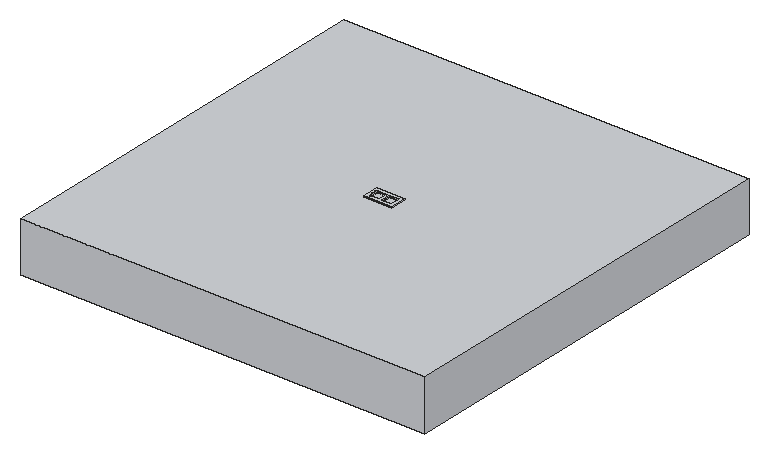
Revit family "Gira_0211112", category Elektroinstallationen, Revit 2017
Family settings
  Basisbauteil = Fläche
  Beschriftungsausrichtung beibehalten = Nein
  Bemaßung runder Anschluss = Durchmesser verwenden
  Teiletyp = Normal
  Beim Laden mit Abzugskörper schneiden = Nein
  Gemeinsam genutzt = Nein
  Raumberechnungspunkt = Nein
Parameters
  With mounting grid = no
  With hinged lid = no
  URL = "https://www.gira.de/"
  Typname = "Cov.fr. 1-g Gira F100 p.white"
  Type of fastening = "Clamp mounting"
  Transparent = no
  Surface protection = "Other"
  Surface finishing = "Glossy"
  Suitable for wall duct = no
  Suitable for flush-mounted installation = yes
  Suitable for floor box = no
  Suitable for built-in installation = no
  RAL-number (akin) = 9010
  Productwebsite = "http://katalog.gira.de/en/datenblatt.html?artikelnr=0211112"
  Number of units vertical = 1
  Number of units horizontal = 1
  Number of units = 1
  Mounting direction = "Horizontal and vertical"
  Material quality = "Thermoplastic"
  Material = "Plastic"
  Label space/information surface = no
  Hersteller = "Gira"
  Halogen free = yes
  HAN = "0211112"
  GTIN = "4010337043973"
  Degree of protection (IP) = "IP20"
  Data sheet = "https://katalog.gira.de/en/download.html?artikelnr=0211112"
  Colour = "White"
  Beschreibung = "Cov.fr.1g F100 PW,Gira F100 cover frame,pure white glossy,1-gang,Features:,- Shatter-proof.,,Notes :,- In conjunction with a sealing flange, also suitable for installation as water-protected flush-mounted IP44."
  Keynote = ""
  Default Elevation = 1219.2 mm
  BIM = "https://media.stage.bim.site/public/gira/ad86d9f/Espr._Rahmen_2fach.rfa"
Reference planes
  plane 1 "Center (Front/Back)": y = 0
  plane 2: z = 0
  plane 3 "Center (Left/Right)": x = 0
Forms (mm)
  Extrusion 1, solid
    sketch origin (0, 0, 0) x (1, 0, 0) y (0, 1, 0)
      loop
        line (-1219.2, 1219.2) -> (-1219.2, -1219.2) -> (1219.2, -1219.2) -> (1219.2, 1219.2) -> (-1219.2, 1219.2)
    from 0 to -304.8
  Extrusion 2, solid, detail levels fine
    sketch origin (0, 0, 0) x (1, 0, 0) y (0, 1, 0)
      loop
        line (-83, 47.5) -> (-83, -47.5) -> (83, -47.5) -> (83, 47.5) -> (-83, 47.5)
      loop
        arc (-63.75, -26.7) -> (-63.311, -27.761) -> (-62.25, -28.2) r 1.5
        line (-62.25, -28.2) -> (-8.85, -28.2)
        arc (-8.85, -28.2) -> (-7.789, -27.761) -> (-7.35, -26.7) r 1.5
        line (-7.35, -26.7) -> (-7.35, 26.7)
        arc (-7.35, 26.7) -> (-7.789, 27.761) -> (-8.85, 28.2) r 1.5
        line (-8.85, 28.2) -> (-62.25, 28.2)
        arc (-62.25, 28.2) -> (-63.311, 27.761) -> (-63.75, 26.7) r 1.5
        line (-63.75, 26.7) -> (-63.75, -26.7)
      loop
        line (63.75, -26.7) -> (63.75, 26.7)
        arc (63.75, 26.7) -> (63.311, 27.761) -> (62.25, 28.2) r 1.5
        line (62.25, 28.2) -> (8.85, 28.2)
        arc (8.85, 28.2) -> (7.789, 27.761) -> (7.35, 26.7) r 1.5
        line (7.35, 26.7) -> (7.35, -26.7)
        arc (7.35, -26.7) -> (7.789, -27.761) -> (8.85, -28.2) r 1.5
        line (8.85, -28.2) -> (62.25, -28.2)
        arc (62.25, -28.2) -> (63.311, -27.761) -> (63.75, -26.7) r 1.5
    from 0 to 6
  Extrusion 3, solid, detail levels fine
    sketch origin (0, 0, 0) x (1, 0, 0) y (0, 1, 0)
      loop
        line (-61.45, -25.7) -> (-9.65, -25.7) -> (-9.65, 25.7) -> (-61.45, 25.7) -> (-61.45, -25.7)
      loop
        line (61.45, 25.7) -> (9.65, 25.7) -> (9.65, -25.7) -> (61.45, -25.7) -> (61.45, 25.7)
      loop
        arc (-78.454, -41.3) -> (-77.927, -42.573) -> (-76.654, -43.1) r 1.8
        line (-76.654, -43.1) -> (76.654, -43.1)
        arc (76.654, -43.1) -> (77.927, -42.573) -> (78.454, -41.3) r 1.8
        line (78.454, -41.3) -> (78.454, 41.3)
        arc (78.454, 41.3) -> (77.927, 42.573) -> (76.654, 43.1) r 1.8
        line (76.654, 43.1) -> (-76.654, 43.1)
        arc (-76.654, 43.1) -> (-77.927, 42.573) -> (-78.454, 41.3) r 1.8
        line (-78.454, 41.3) -> (-78.454, -41.3)
    from -1.9 to 0
  Extrusion 4, solid, detail levels fine
    sketch origin (0, 0, 0) x (1, 0, 0) y (0, 1, 0)
      loop
        arc (-76.75, 44.4) -> (-78.871, 43.521) -> (-79.75, 41.4) r 3
        line (-79.75, 41.4) -> (-79.75, -41.4)
        arc (-79.75, -41.4) -> (-78.871, -43.521) -> (-76.75, -44.4) r 3
        line (-76.75, -44.4) -> (76.75, -44.4)
        arc (76.75, -44.4) -> (78.871, -43.521) -> (79.75, -41.4) r 3
        line (79.75, -41.4) -> (79.75, 41.4)
        arc (79.75, 41.4) -> (78.871, 43.521) -> (76.75, 44.4) r 3
        line (76.75, 44.4) -> (-76.75, 44.4)
      loop
        arc (-78.55, -41.4) -> (-78.023, -42.673) -> (-76.75, -43.2) r 1.8
        line (-76.75, -43.2) -> (76.75, -43.2)
        arc (76.75, -43.2) -> (78.023, -42.673) -> (78.55, -41.4) r 1.8
        line (78.55, -41.4) -> (78.55, 41.4)
        arc (78.55, 41.4) -> (78.023, 42.673) -> (76.75, 43.2) r 1.8
        line (76.75, 43.2) -> (-76.75, 43.2)
        arc (-76.75, 43.2) -> (-78.023, 42.673) -> (-78.55, 41.4) r 1.8
        line (-78.55, 41.4) -> (-78.55, -41.4)
    from -3.7 to 0
  Extrusion 5, solid, detail levels medium
    sketch origin (0, 0, 0) x (1, 0, 0) y (0, 1, 0)
      loop
        line (-83, 47.5) -> (-83, -47.5) -> (83, -47.5) -> (83, 47.5) -> (-83, 47.5)
    from 0 to 6
  Extrusion 6, solid, detail levels medium
    sketch origin (0, 0, 0) x (1, 0, 0) y (0, 1, 0)
      loop
        line (-79.75, 44.4) -> (-79.75, -44.4) -> (79.75, -44.4) -> (79.75, 44.4) -> (-79.75, 44.4)
    from -3.7 to 0
  Extrusion 7, solid, detail levels coarse
    sketch origin (0, 0, 0) x (1, 0, 0) y (0, 1, 0)
      loop
        line (-83, 47.5) -> (-83, -47.5) -> (83, -47.5) -> (83, 47.5) -> (-83, 47.5)
    from -3.7 to 6
Dimensions and locks
  aligned and locked: plane 2 to Extrusion 1
  aligned and locked: level to Extrusion 1
